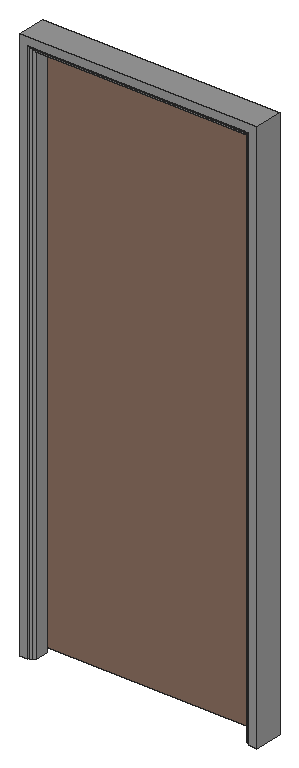
Revit family "THCM 813", category Doors, host Wall, Revit 2015
Parameters (values of type "THCM 813")
  Function = Interior
  Frame Projection Ext. = 25 mm
  Frame Projection Int. = 25 mm
  Frame Width = 75 mm
  Height = 2090 mm
  Wall Closure = By host
  Width = 889 mm
Reference planes
  plane 1: y = 0
  plane 2 "Center (Left/Right)": x = 0
  plane 3 "Left": x = -444.5
  plane 4 "Right": x = 444.5
  plane 5: z = 2090
  plane 6 "Exterior": y = 75
  plane 7 "Interior": y = -75
Forms (mm)
  Sweep 1, solid, material "Lauan, Meranti"
    path origin (0, 75, 0) x (1, 0, 0) y (0, 0, 1)
      loop
        line (444.5, 0) -> (444.5, 2090) -> (-444.5, 2090) -> (-444.5, 0)
    profile "Van Acht 105x50 Door Frame Routed Profile (Heavy) : Van Acht 105x50 Door Frame Routed Profile (Heavy)" origin (444.5, 75, 1045) x (-1, 0, 0) y (0, -1, 0)
      loop
        line (0, 22.5) -> (38, 22.5) -> (38, 67.5) -> (50, 67.5) -> (50, 112.5)
        arc (50, 112.5) -> (44.957, 114.29) -> (42.17, 118.859) r 8
        line (42.17, 118.859) -> (39, 118.859)
        arc (39, 118.859) -> (35.311, 122.973) -> (30, 124.5) r 10
        line (30, 124.5) -> (30, 127.5) -> (0, 127.5) -> (0, 22.5)
  Sweep 2, solid, material "Lauan, Meranti"
    path origin (-4820, 38.5, 0) x (1, 0, 0) y (0, 0, 1)
      loop
        line (5216.5, 2052) -> (4423.5, 2052) -> (4423.5, 20) -> (5216.5, 20) -> (5216.5, 2052)
    profile origin (0, 38.5, 2052) x (0, 0, -1) y (0, -1, 0)
      loop
        line (0, 0) -> (40, 0) -> (40, 22) -> (0, 22) -> (0, 0)
  Extrusion 3, solid, material "MASONITE"
    sketch origin (0, 1656.5, 20) x (0, -1, 0) y (0, 0, -1)
      loop
        line (1640, 0) -> (1640, -2032) -> (1649, -2032) -> (1649, 0) -> (1640, 0)
    from -396.5 to 396.5
  Extrusion 4, solid, material "Lauan, Meranti"
    sketch origin (-4820, -1601.5, 0) x (1, 0, 0) y (0, 1, 0)
      loop
        line (4423.5, 1649) -> (4413.5, 1649) -> (4413.5, 1609) -> (4423.5, 1609) -> (4423.5, 1649)
      loop
        line (5216.5, 1649) -> (5216.5, 1609) -> (5226.5, 1609) -> (5226.5, 1649) -> (5216.5, 1649)
    from 20 to 2052
  Extrusion 5, solid, material "MASONITE"
    sketch origin (0, -1601.5, 20) x (0, 1, 0) y (0, 0, 1)
      loop
        line (1640, 0) -> (1649, 0) -> (1649, 2032) -> (1640, 2032) -> (1640, 0)
    from -396.5 to 396.5
Lines and regions (mm)
  Opening 1
    outline origin (-3050, -75, 0) x (1, 0, 0) y (0, 0, 1)
      loop
        line (2605.5, 0) -> (3494.5, 0) -> (3494.5, 2090) -> (2605.5, 2090) -> (2605.5, 0)
  symbolic lines, style "Elevation Swing"
    curve 1: line (444.5, -75, 1045) -> (-444.5, -75, 2090)
    curve 2: line (444.5, -75, 1045) -> (-444.5, -75, 0)
  model lines
    curve 3: line (406.5, 52.5, 0) -> (406.5, 865.5, 0)
    curve 4: arc (-406.5, 52.5, 0) -> (-168.378, 627.378, 0) -> (406.5, 865.5, 0) r 813
Text (mm)
  text "Exterior" at (-2295.016, 1099.543, 0), in view "Ref. Level"
  text "Exterior" at (0, 1615.38, 3698.081), in view "Left"
  text "Exterior" at (0, 1036.032, 3874.932), in view "Right"
Dimensions and locks
  equal spacing: plane 3 "Left", plane 2 "Center (Left/Right)", plane 4 "Right"
  "Width": plane 3 "Left" to plane 4 "Right"
  "Height": plane 5 to host wall
  equal spacing: host wall, curve 2, plane 5
  host wall to plane 5 = 2090 mm
  locked: plane 6 "Exterior" to host wall at 0
  locked: plane 7 "Interior" to host wall
  plane 3 "Left" to plane 4 "Right" = 889 mm
  Sweep 1 to Sweep 1 = 813 mm
  aligned and locked: plane 3 "Left" to Opening 1 sketch curve
  aligned and locked: plane 5 to Opening 1 sketch curve  (x2)
  aligned and locked: Opening 1 sketch curve to plane 4 "Right"
  aligned and locked: Opening 1 sketch curve to level
  aligned and locked: plane 5 to curve 1
  aligned and locked: plane 3 "Left" to curve 2
  aligned and locked: plane 1 to host wall
  aligned and locked: plane 3 "Left" to curve 1
Automatic sketch dimensions
  curve 2 to level = 0 mm
  plane 4 "Right" to curve 2 = 0 mm
  plane 3 "Left" to Sweep 1 sketch curve = 0 mm
  plane 4 "Right" to Sweep 1 sketch curve = 0 mm
  Sweep 1 sketch curve to level = 0 mm  (x2)
  Sweep 1 sketch curve to plane 5 = 0 mm
  plane 4 "Right" to curve 4 = 38 mm
  curve 4 to host wall = 22.5 mm
  host wall to curve 3 = 790.5 mm
  curve 3 to curve 4 = 0 mm
  Sweep 2 sketch curve to plane 3 "Left" = 48 mm
  level to Sweep 2 sketch curve = 20 mm
  plane 4 "Right" to Sweep 2 sketch curve = 48 mm
  plane 5 to Sweep 2 sketch curve = 38 mm
  Sweep 2 sketch curve to profile plane = 0 mm  (x2)
  Sweep 2 sketch curve to profile plane = 40 mm
  profile plane to Sweep 2 sketch curve = 22 mm
  Extrusion 3 sketch curve to host wall = 16.5 mm
  Extrusion 3 sketch curve to host wall = 7.5 mm
  plane 5 to Extrusion 3 sketch curve = 38 mm
  level to Extrusion 3 sketch curve = 20 mm
  Extrusion 4 sketch curve to plane 3 "Left" = 38 mm
  Extrusion 4 sketch curve to Extrusion 4 sketch curve = 10 mm  (x2)
  plane 4 "Right" to Extrusion 4 sketch curve = 48 mm
  Extrusion 4 sketch curve to host wall = 7.5 mm  (x2)
  Extrusion 4 sketch curve to host wall = 27.5 mm  (x2)
  Extrusion 5 sketch curve to host wall = 36.5 mm
  Extrusion 5 sketch curve to Extrusion 5 sketch curve = 9 mm
  level to Extrusion 5 sketch curve = 20 mm
  plane 5 to Extrusion 5 sketch curve = 38 mm
